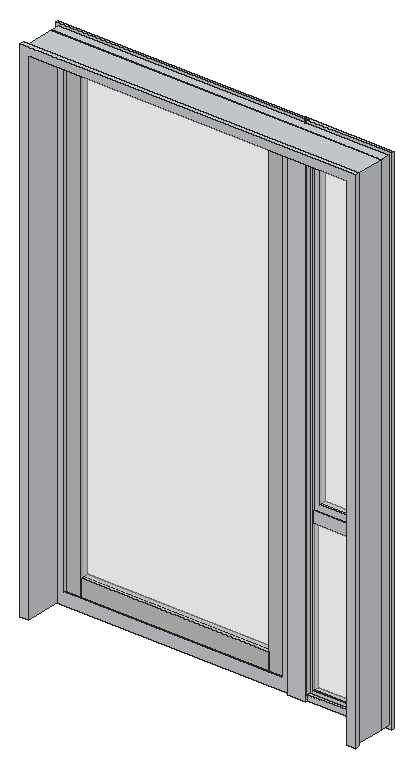
Revit family "APL Residential Thermal Heart Hinged Door with Sidelight", category Doors, host Wall, Revit 2017 (continued)
Definition of nested family "APL Residential Thermal Heart Hinged Door with Sidelight Open Out Horizontal Section"
  Definition of nested family "Coupling Bar"
    Definition of nested family "Frame Sash"
      Definition of nested family "65720_Sash"
        Lines and regions (mm)
          model lines, in view "Ref. Level"
            curve 225: line (5.3, -5.8, 0) -> (5.3, -2.4, 0)
            curve 226: arc (7.8, -0.874, 0) -> (7.718, -0.477, 0) -> (7.485, -0.146, 0) r 1
            curve 227: arc (7.485, -0.146, 0) -> (7.422, 0, 0) -> (7.485, 0.146, 0) r 0.2
            curve 228: arc (7.485, 0.146, 0) -> (7.718, 0.477, 0) -> (7.8, 0.874, 0) r 1
            curve 229: arc (7.8, 2.449, 0) -> (7.673, 2.668, 0) -> (7.42, 2.663, 0) r 0.25
            curve 230: arc (7.334, 2.611, 0) -> (7.228, 2.479, 0) -> (7.231, 2.309, 0) r 0.25
            curve 231: arc (5.977, 1.544, 0) -> (5.902, 1.511, 0) -> (5.821, 1.5, 0) r 0.3
            curve 232: arc (5.3, 1.5, 0) -> (5.142, 1.578, 0) -> (5.106, 1.75, 0) r 0.2
            curve 233: arc (5.3, 5.753, 0) -> (5.274, 5.875, 0) -> (5.2, 5.976, 0) r 0.3
            curve 234: arc (5.2, 5.976, 0) -> (5.12, 6.307, 0) -> (5.4, 6.5, 0) r 0.3
            curve 235: arc (7.621, 5.957, 0) -> (7.71, 5.905, 0) -> (7.762, 5.816, 0) r 0.2
            curve 236: arc (7.807, 5.648, 0) -> (7.948, 5.507, 0) -> (8.141, 5.559, 0) r 0.2
            curve 237: arc (8.505, 5.922, 0) -> (8.565, 6.008, 0) -> (8.592, 6.108, 0) r 0.3
            curve 238: arc (8.799, 8.474, 0) -> (8.683, 8.738, 0) -> (8.397, 8.782, 0) r 0.3
            curve 239: arc (6.987, 8.268, 0) -> (6.861, 8.181, 0) -> (6.795, 8.043, 0) r 0.3
            curve 240: arc (6.795, 8.043, 0) -> (6.522, 7.801, 0) -> (6.217, 8, 0) r 0.3
            curve 241: arc (-3.3, 8, 0) -> (-4.007, 8.293, 0) -> (-4.3, 9, 0) r 1
            curve 242: arc (-4.3, 18.8, 0) -> (-4.241, 18.941, 0) -> (-4.1, 19, 0) r 0.2
            curve 243: arc (-3.2, 19, 0) -> (-2.493, 19.293, 0) -> (-2.2, 20, 0) r 1
            curve 244: arc (-2.2, 20.751, 0) -> (-2.7, 21.252, 0) -> (-3.2, 20.751, 0) r 0.5
            curve 245: arc (-3.2, 24.751, 0) -> (-2.7, 24.249, 0) -> (-2.2, 24.751, 0) r 0.5
            curve 246: arc (-2.2, 25.501, 0) -> (-2.493, 26.207, 0) -> (-3.199, 26.5, 0) r 0.999
            curve 247: arc (-4.7, 26.5, 0) -> (-5.407, 26.207, 0) -> (-5.7, 25.5, 0) r 1
            curve 248: arc (-5.7, -14.454, 0) -> (-5.548, -15.22, 0) -> (-5.114, -15.869, 0) r 2
            curve 249: arc (5.959, -26.941, 0) -> (6.177, -26.985, 0) -> (6.3, -26.8, 0) r 0.2
            curve 250: arc (6.3, -22.85, 0) -> (6.241, -22.709, 0) -> (6.1, -22.65, 0) r 0.2
            curve 251: arc (5.501, -22.65, 0) -> (5.359, -22.708, 0) -> (5.3, -22.85, 0) r 0.2
            curve 252: arc (5.3, -23.2, 0) -> (5.241, -23.341, 0) -> (5.1, -23.4, 0) r 0.201
            curve 253: arc (4.497, -23.4, 0) -> (4.357, -23.341, 0) -> (4.3, -23.2, 0) r 0.198
            curve 254: arc (4.3, -20.1, 0) -> (4.358, -19.96, 0) -> (4.497, -19.9, 0) r 0.2
            curve 255: arc (5.1, -19.9, 0) -> (5.241, -19.959, 0) -> (5.3, -20.1, 0) r 0.2
            curve 256: arc (5.3, -20.45, 0) -> (5.359, -20.591, 0) -> (5.5, -20.65, 0) r 0.2
            curve 257: arc (6.1, -20.65, 0) -> (6.241, -20.591, 0) -> (6.3, -20.45, 0) r 0.2
            curve 258: arc (6.3, -19.092, 0) -> (6.244, -18.951, 0) -> (6.1, -18.9, 0) r 0.184
            curve 259: arc (6.217, -8, 0) -> (6.522, -7.801, 0) -> (6.795, -8.043, 0) r 0.3
            curve 260: arc (6.795, -8.043, 0) -> (6.861, -8.181, 0) -> (6.987, -8.268, 0) r 0.3
            curve 261: arc (8.397, -8.782, 0) -> (8.683, -8.738, 0) -> (8.799, -8.474, 0) r 0.3
            curve 262: arc (8.592, -6.108, 0) -> (8.565, -6.008, 0) -> (8.505, -5.922, 0) r 0.3
            curve 263: arc (8.141, -5.559, 0) -> (7.948, -5.507, 0) -> (7.807, -5.648, 0) r 0.2
            curve 264: arc (7.762, -5.816, 0) -> (7.71, -5.905, 0) -> (7.621, -5.957, 0) r 0.2
            curve 265: arc (5.4, -6.5, 0) -> (5.12, -6.307, 0) -> (5.2, -5.976, 0) r 0.3
            curve 266: arc (5.2, -5.976, 0) -> (5.274, -5.875, 0) -> (5.3, -5.753, 0) r 0.3
            curve 267: arc (5.106, -1.75, 0) -> (5.142, -1.578, 0) -> (5.3, -1.5, 0) r 0.2
            curve 268: arc (5.82, -1.5, 0) -> (5.902, -1.511, 0) -> (5.977, -1.544, 0) r 0.3
            curve 269: arc (7.231, -2.309, 0) -> (7.228, -2.479, 0) -> (7.334, -2.611, 0) r 0.25
            curve 270: arc (7.42, -2.663, 0) -> (7.672, -2.668, 0) -> (7.8, -2.45, 0) r 0.25
            curve 271: arc (-0.454, 6.272, 0) -> (-0.427, 6.485, 0) -> (-0.608, 6.6, 0) r 0.2
            curve 272: arc (-3.4, 6.6, 0) -> (-4.107, 6.307, 0) -> (-4.4, 5.6, 0) r 1
            curve 273: arc (-4.4, -2.447, 0) -> (-4.254, -2.802, 0) -> (-3.9, -2.949, 0) r 0.5
            curve 274: arc (-2.4, -2.949, 0) -> (-1.693, -3.242, 0) -> (-1.4, -3.949, 0) r 1
            curve 275: arc (-1.4, -4.449, 0) -> (-1.9, -4.949, 0) -> (-2.4, -4.449, 0) r 0.5
            curve 276: arc (-4, -3.949, 0) -> (-4.283, -4.067, 0) -> (-4.4, -4.349, 0) r 0.4
            curve 277: arc (-4.4, -9.05, 0) -> (-4, -9.45, 0) -> (-4.4, -9.85, 0) r 0.4
            curve 278: arc (-4.4, -14.452, 0) -> (-4.347, -14.721, 0) -> (-4.195, -14.949, 0) r 0.7
            curve 279: arc (-2.4, -14.449, 0) -> (-1.9, -13.949, 0) -> (-1.4, -14.449, 0) r 0.5
            curve 280: arc (-1.4, -15.007, 0) -> (-1.602, -15.609, 0) -> (-2.125, -15.969, 0) r 1
            curve 281: arc (-2.125, -15.969, 0) -> (-2.472, -16.324, 0) -> (-2.341, -16.803, 0) r 0.5
            curve 282: arc (2.959, -22.103, 0) -> (3.177, -22.146, 0) -> (3.3, -21.962, 0) r 0.2
            curve 283: line (7.8, 0.874, 0) -> (7.8, 2.449, 0)
            curve 284: line (7.231, 2.309, 0) -> (5.977, 1.544, 0)
            curve 285: line (5.977, 1.544, 0) -> (5.3, 1.5, 0)
            curve 286: line (5.106, 1.75, 0) -> (5.294, 2.475, 0)
            curve 287: line (5.294, 2.475, 0) -> (5.3, 5.753, 0)
            curve 288: line (5.554, 6.5, 0) -> (7.621, 5.957, 0)
            curve 289: line (7.621, 5.957, 0) -> (7.807, 5.648, 0)
            curve 290: line (8.141, 5.559, 0) -> (8.505, 5.922, 0)
            curve 291: line (8.592, 6.108, 0) -> (8.799, 8.474, 0)
            curve 292: line (8.397, 8.782, 0) -> (6.987, 8.268, 0)
            curve 293: line (6.217, 8, 0) -> (-3.3, 8, 0)
            curve 294: line (-4.3, 9, 0) -> (-4.3, 18.8, 0)
            curve 295: line (-4.1, 19, 0) -> (-3.2, 19, 0)
            curve 296: line (-2.2, 20, 0) -> (-2.2, 20.751, 0)
            curve 297: line (-3.2, 20.751, 0) -> (-3.2, 20, 0)
            curve 298: line (-3.2, 20, 0) -> (-4.7, 20, 0)
            curve 299: line (-4.7, 20, 0) -> (-4.7, 25.5, 0)
            curve 300: line (-4.7, 25.5, 0) -> (-3.2, 25.5, 0)
            curve 301: line (-3.2, 25.5, 0) -> (-3.2, 24.751, 0)
            curve 302: line (-2.2, 24.751, 0) -> (-2.2, 25.501, 0)
            curve 303: line (-3.199, 26.5, 0) -> (-4.7, 26.5, 0)
            curve 304: line (-5.7, 25.5, 0) -> (-5.7, -14.454, 0)
            curve 305: line (-5.114, -15.869, 0) -> (5.959, -26.941, 0)
            curve 306: line (6.3, -26.8, 0) -> (6.3, -22.85, 0)
            curve 307: line (6.1, -22.65, 0) -> (5.501, -22.65, 0)
            curve 308: line (5.3, -22.85, 0) -> (5.3, -23.2, 0)
            curve 309: line (5.1, -23.4, 0) -> (4.497, -23.4, 0)
            curve 310: line (4.3, -23.2, 0) -> (4.3, -20.1, 0)
            curve 311: line (4.497, -19.9, 0) -> (5.1, -19.9, 0)
            curve 312: line (5.3, -20.1, 0) -> (5.3, -20.45, 0)
            curve 313: line (5.5, -20.65, 0) -> (6.1, -20.65, 0)
            curve 314: line (6.3, -20.45, 0) -> (6.3, -19.092, 0)
            curve 315: line (6.1, -18.9, 0) -> (4.6, -18.9, 0)
            curve 316: line (4.6, -18.9, 0) -> (4.6, -8, 0)
            curve 317: line (4.6, -8, 0) -> (6.217, -8, 0)
            curve 318: line (6.987, -8.268, 0) -> (8.397, -8.782, 0)
            curve 319: line (8.799, -8.474, 0) -> (8.592, -6.108, 0)
            curve 320: line (8.505, -5.922, 0) -> (8.141, -5.559, 0)
            curve 321: line (7.807, -5.648, 0) -> (7.762, -5.816, 0)
            curve 322: line (7.762, -5.816, 0) -> (5.632, -6.49, 0)
            curve 323: line (5.632, -6.49, 0) -> (5.4, -6.5, 0)
            curve 324: line (5.3, -5.753, 0) -> (5.3, -2.525, 0)
            curve 325: line (5.3, -2.525, 0) -> (5.106, -1.75, 0)
            curve 326: line (5.3, -1.5, 0) -> (5.82, -1.5, 0)
            curve 327: line (5.821, -1.5, 0) -> (7.231, -2.309, 0)
            curve 328: line (7.8, -2.45, 0) -> (7.8, -0.874, 0)
            curve 329: line (-0.608, 6.6, 0) -> (-3.4, 6.6, 0)
            curve 330: line (-4.4, 5.6, 0) -> (-4.4, -2.447, 0)
            curve 331: line (-3.9, -2.949, 0) -> (-2.4, -2.949, 0)
            curve 332: line (-1.4, -3.949, 0) -> (-1.4, -4.449, 0)
            curve 333: line (-2.4, -4.449, 0) -> (-2.4, -3.949, 0)
            curve 334: line (-2.4, -3.949, 0) -> (-4, -3.949, 0)
            curve 335: line (-4.4, -4.349, 0) -> (-4.4, -9.05, 0)
            curve 336: line (-4.4, -9.85, 0) -> (-4.4, -14.452, 0)
            curve 337: line (-4.195, -14.949, 0) -> (-2.4, -14.949, 0)
            curve 338: line (-2.4, -14.949, 0) -> (-2.4, -14.449, 0)
            curve 339: line (-1.4, -14.449, 0) -> (-1.4, -15.007, 0)
            curve 340: line (-2.341, -16.803, 0) -> (2.959, -22.103, 0)
            curve 341: line (3.3, -21.962, 0) -> (3.3, 2.193, 0)
            curve 342: arc (3.3, 2.193, 0) -> (3.272, 2.296, 0) -> (3.194, 2.37, 0) r 0.2
            curve 343: arc (3.194, 2.37, 0) -> (2.838, 2.85, 0) -> (2.984, 3.43, 0) r 0.7
            curve 344: arc (2.984, 3.43, 0) -> (3.33, 4.4, 0) -> (2.984, 5.37, 0) r 1.53
            curve 345: arc (2.984, 5.37, 0) -> (2.892, 5.514, 0) -> (2.838, 5.676, 0) r 0.7
            curve 346: arc (2.838, 5.676, 0) -> (2.741, 5.888, 0) -> (2.559, 6.032, 0) r 0.5
            curve 347: arc (2.559, 6.032, 0) -> (1.8, 6.2, 0) -> (1.041, 6.032, 0) r 1.8
            curve 348: arc (1.041, 6.032, 0) -> (0.859, 5.888, 0) -> (0.762, 5.676, 0) r 0.5
            curve 349: arc (0.762, 5.676, 0) -> (0.708, 5.514, 0) -> (0.616, 5.37, 0) r 0.7
            curve 350: arc (0.616, 5.37, 0) -> (0.27, 4.4, 0) -> (0.616, 3.43, 0) r 1.53
            curve 351: arc (0.616, 3.43, 0) -> (0.519, 2.445, 0) -> (-0.466, 2.543, 0) r 0.7
            curve 352: arc (-0.466, 2.543, 0) -> (-1.13, 4.41, 0) -> (-0.454, 6.272, 0) r 2.93
        Text (mm)
          text "65720" at (33.241, 33.025, 0), in view "Ref. Level"
      Definition of nested family "65180_Sidelight Frame"
        Reference planes
          plane 1 "Center (Front/Back)": y = 0
          plane 2: z = 0
          plane 3 "Center (Left/Right)": x = 0
        Lines and regions (mm)
          model lines, in view "Ref. Level"
            curve 1: arc (13.922, -26.595, 0) -> (14.008, -26.535, 0) -> (14.108, -26.508, 0) r 0.3
            curve 2: arc (16.474, -26.301, 0) -> (16.738, -26.417, 0) -> (16.782, -26.703, 0) r 0.3
            curve 3: arc (16.268, -28.113, 0) -> (16.181, -28.239, 0) -> (16.043, -28.305, 0) r 0.3
            curve 4: arc (16.043, -28.305, 0) -> (15.801, -28.578, 0) -> (16, -28.883, 0) r 0.3
            curve 5: arc (16, -33, 0) -> (15.941, -33.141, 0) -> (15.8, -33.2, 0) r 0.2
            curve 6: arc (15.5, -33.2, 0) -> (15.2, -33.12, 0) -> (14.98, -32.9, 0) r 0.6
            curve 7: arc (14.345, -31.8, 0) -> (14.272, -31.727, 0) -> (14.172, -31.7, 0) r 0.2
            curve 8: arc (-2.699, -31.7, 0) -> (-3.407, -31.993, 0) -> (-3.7, -32.7, 0) r 1
            curve 9: arc (-3.7, -34.764, 0) -> (-3.662, -34.956, 0) -> (-3.554, -35.118, 0) r 0.5
            curve 10: arc (1.791, -40.463, 0) -> (2.1, -40.673, 0) -> (2.463, -40.755, 0) r 1
            curve 11: arc (14.935, -41.178, 0) -> (15.052, -41.143, 0) -> (15.127, -41.047, 0) r 0.2
            curve 12: arc (15.127, -41.047, 0) -> (15.234, -40.879, 0) -> (15.403, -40.775, 0) r 0.45
            curve 13: arc (15.403, -40.775, 0) -> (15.522, -40.771, 0) -> (15.621, -40.835, 0) r 0.2
            curve 14: arc (16, -42.3, 0) -> (15.941, -42.441, 0) -> (15.8, -42.5, 0) r 0.2
            curve 15: arc (2.243, -42.5, 0) -> (1.095, -42.272, 0) -> (0.121, -41.621, 0) r 3
            curve 16: arc (-4.121, -37.379, 0) -> (-5.095, -36.728, 0) -> (-6.243, -36.5, 0) r 3
            curve 17: arc (-19, -36.5, 0) -> (-19.707, -36.207, 0) -> (-20, -35.5, 0) r 1
            curve 18: arc (-20, -29.708, 0) -> (-19.944, -29.561, 0) -> (-19.8, -29.5, 0) r 0.2
            curve 19: arc (-19, -29.5, 0) -> (-18.859, -29.559, 0) -> (-18.8, -29.7, 0) r 0.2
            curve 20: arc (-18.8, -29.995, 0) -> (-18.547, -30.43, 0) -> (-18.044, -30.424, 0) r 0.5
            curve 21: arc (-18.044, -30.424, 0) -> (-16.297, -30.007, 0) -> (-14.624, -30.663, 0) r 3
            curve 22: arc (-14.624, -30.663, 0) -> (-14.512, -31.7, 0) -> (-15.549, -31.812, 0) r 0.737
            curve 23: arc (-15.549, -31.812, 0) -> (-16.505, -31.475, 0) -> (-17.461, -31.812, 0) r 1.525
            curve 24: arc (-17.461, -31.812, 0) -> (-17.612, -31.906, 0) -> (-17.78, -31.961, 0) r 0.737
            curve 25: arc (-17.78, -31.961, 0) -> (-17.992, -32.058, 0) -> (-18.137, -32.24, 0) r 0.5
            curve 26: arc (-18.137, -32.24, 0) -> (-18.305, -33, 0) -> (-18.136, -33.76, 0) r 1.8
            curve 27: arc (-18.136, -33.76, 0) -> (-17.992, -33.942, 0) -> (-17.781, -34.039, 0) r 0.5
            curve 28: arc (-17.781, -34.039, 0) -> (-17.613, -34.094, 0) -> (-17.462, -34.187, 0) r 0.75
            curve 29: arc (-17.462, -34.187, 0) -> (-16.505, -34.525, 0) -> (-15.548, -34.187, 0) r 1.525
            curve 30: arc (-15.548, -34.187, 0) -> (-14.677, -34.143, 0) -> (-14.353, -34.952, 0) r 0.75
            curve 31: arc (-14.353, -34.952, 0) -> (-14.316, -35.123, 0) -> (-14.159, -35.2, 0) r 0.2
            curve 32: arc (-6.7, -35.2, 0) -> (-6.346, -35.053, 0) -> (-6.2, -34.7, 0) r 0.5
            curve 33: arc (-6.2, -32.7, 0) -> (-5.175, -30.225, 0) -> (-2.7, -29.2, 0) r 3.5
            curve 34: arc (-0.2, -29.2, 0) -> (-0.059, -29.141, 0) -> (0, -29, 0) r 0.2
            curve 35: arc (0, -28.883, 0) -> (0.199, -28.578, 0) -> (-0.043, -28.305, 0) r 0.3
            curve 36: arc (-0.043, -28.305, 0) -> (-0.181, -28.239, 0) -> (-0.268, -28.113, 0) r 0.3
            curve 37: arc (-0.782, -26.703, 0) -> (-0.738, -26.417, 0) -> (-0.474, -26.301, 0) r 0.3
            curve 38: arc (1.892, -26.508, 0) -> (1.992, -26.535, 0) -> (2.078, -26.595, 0) r 0.3
            curve 39: arc (2.441, -26.959, 0) -> (2.493, -27.152, 0) -> (2.352, -27.293, 0) r 0.2
            curve 40: arc (2.184, -27.338, 0) -> (2.095, -27.39, 0) -> (2.043, -27.479, 0) r 0.2
            curve 41: arc (1.5, -29.7, 0) -> (1.693, -29.98, 0) -> (2.024, -29.9, 0) r 0.3
            curve 42: arc (2.024, -29.9, 0) -> (2.125, -29.826, 0) -> (2.247, -29.8, 0) r 0.3
            curve 43: arc (6.25, -29.994, 0) -> (6.422, -29.958, 0) -> (6.5, -29.8, 0) r 0.2
            curve 44: arc (6.5, -29.279, 0) -> (6.489, -29.198, 0) -> (6.456, -29.123, 0) r 0.3
            curve 45: arc (5.691, -27.869, 0) -> (5.521, -27.872, 0) -> (5.389, -27.766, 0) r 0.25
            curve 46: arc (5.337, -27.68, 0) -> (5.332, -27.428, 0) -> (5.55, -27.3, 0) r 0.25
            curve 47: arc (7.125, -27.3, 0) -> (7.522, -27.382, 0) -> (7.854, -27.615, 0) r 1
            curve 48: arc (7.854, -27.615, 0) -> (8, -27.678, 0) -> (8.146, -27.615, 0) r 0.2
            curve 49: arc (8.146, -27.615, 0) -> (8.477, -27.382, 0) -> (8.874, -27.3, 0) r 1
            curve 50: arc (10.45, -27.3, 0) -> (10.668, -27.427, 0) -> (10.663, -27.68, 0) r 0.25
            curve 51: arc (10.611, -27.766, 0) -> (10.479, -27.872, 0) -> (10.309, -27.869, 0) r 0.25
            curve 52: arc (9.544, -29.123, 0) -> (9.511, -29.198, 0) -> (9.5, -29.279, 0) r 0.3
            curve 53: arc (9.5, -29.8, 0) -> (9.578, -29.958, 0) -> (9.75, -29.994, 0) r 0.2
            curve 54: arc (13.753, -29.8, 0) -> (13.875, -29.826, 0) -> (13.976, -29.9, 0) r 0.3
            curve 55: arc (13.976, -29.9, 0) -> (14.307, -29.98, 0) -> (14.5, -29.7, 0) r 0.3
            curve 56: arc (13.957, -27.479, 0) -> (13.905, -27.39, 0) -> (13.816, -27.338, 0) r 0.2
            curve 57: arc (13.648, -27.293, 0) -> (13.507, -27.152, 0) -> (13.559, -26.959, 0) r 0.2
            curve 58: line (14.108, -26.508, 0) -> (16.474, -26.301, 0)
            curve 59: line (16.782, -26.703, 0) -> (16.268, -28.113, 0)
            curve 60: line (16, -28.883, 0) -> (16, -33, 0)
            curve 61: line (15.8, -33.2, 0) -> (15.5, -33.2, 0)
            curve 62: line (14.98, -32.9, 0) -> (14.345, -31.8, 0)
            curve 63: line (14.172, -31.7, 0) -> (-2.699, -31.7, 0)
            curve 64: line (-3.7, -32.7, 0) -> (-3.7, -34.764, 0)
            curve 65: line (-3.554, -35.118, 0) -> (1.791, -40.463, 0)
            curve 66: line (2.463, -40.755, 0) -> (14, -41.158, 0)
            curve 67: line (14, -41.158, 0) -> (14.935, -41.178, 0)
            curve 68: line (15.621, -40.835, 0) -> (15.953, -41.231, 0)
            curve 69: line (15.953, -41.231, 0) -> (16, -42.3, 0)
            curve 70: line (15.8, -42.5, 0) -> (2.243, -42.5, 0)
            curve 71: line (0.121, -41.621, 0) -> (-4.121, -37.379, 0)
            curve 72: line (-6.243, -36.5, 0) -> (-19, -36.5, 0)
            curve 73: line (-20, -35.5, 0) -> (-20, -29.708, 0)
            curve 74: line (-19.8, -29.5, 0) -> (-19, -29.5, 0)
            curve 75: line (-18.8, -29.7, 0) -> (-18.8, -29.995, 0)
            curve 76: line (-14.159, -35.2, 0) -> (-6.7, -35.2, 0)
            curve 77: line (-6.2, -34.7, 0) -> (-6.2, -32.7, 0)
            curve 78: line (-2.7, -29.2, 0) -> (-0.2, -29.2, 0)
            curve 79: line (-0.268, -28.113, 0) -> (-0.782, -26.703, 0)
            curve 80: line (-0.474, -26.301, 0) -> (1.892, -26.508, 0)
            curve 81: line (2.078, -26.595, 0) -> (2.441, -26.959, 0)
            curve 82: line (2.352, -27.293, 0) -> (2.184, -27.338, 0)
            curve 83: line (2.184, -27.338, 0) -> (1.51, -29.468, 0)
            curve 84: line (1.51, -29.468, 0) -> (1.5, -29.7, 0)
            curve 85: line (2.247, -29.8, 0) -> (5.475, -29.8, 0)
            curve 86: line (5.475, -29.8, 0) -> (6.25, -29.994, 0)
            curve 87: line (6.5, -29.8, 0) -> (6.5, -29.279, 0)
            curve 88: line (6.5, -29.279, 0) -> (5.691, -27.869, 0)
            curve 89: line (5.55, -27.3, 0) -> (7.125, -27.3, 0)
            curve 90: line (8.874, -27.3, 0) -> (10.45, -27.3, 0)
            curve 91: line (10.309, -27.869, 0) -> (9.544, -29.123, 0)
            curve 92: line (9.544, -29.123, 0) -> (9.5, -29.8, 0)
            curve 93: line (9.75, -29.994, 0) -> (10.5, -29.8, 0)
            curve 94: line (10.475, -29.806, 0) -> (13.753, -29.8, 0)
            curve 95: line (14.5, -29.546, 0) -> (13.957, -27.479, 0)
            curve 96: line (13.957, -27.479, 0) -> (13.648, -27.293, 0)
            curve 97: line (13.559, -26.959, 0) -> (13.922, -26.595, 0)
            curve 98: arc (5.6, -29.8, 0) -> (5.883, -29.683, 0) -> (6, -29.4, 0) r 0.4
            curve 99: arc (6, -29.107, 0) -> (5.986, -29.004, 0) -> (5.946, -28.907, 0) r 0.4
            curve 100: arc (5.061, -27.379, 0) -> (4.941, -27.089, 0) -> (4.9, -26.778, 0) r 1.2
            curve 101: arc (4.9, -25.855, 0) -> (4.719, -25.282, 0) -> (4.242, -24.916, 0) r 1
            curve 102: arc (2.063, -24.123, 0) -> (1.872, -23.976, 0) -> (1.8, -23.747, 0) r 0.4
            curve 103: arc (1.8, -21.053, 0) -> (1.872, -20.824, 0) -> (2.063, -20.677, 0) r 0.4
            curve 104: arc (4.242, -19.884, 0) -> (4.719, -19.518, 0) -> (4.9, -18.945, 0) r 1
            curve 105: arc (4.9, -18.022, 0) -> (4.941, -17.711, 0) -> (5.061, -17.421, 0) r 1.2
            curve 106: arc (5.946, -15.893, 0) -> (5.986, -15.796, 0) -> (6, -15.693, 0) r 0.4
            curve 107: arc (6, -15.4, 0) -> (5.883, -15.117, 0) -> (5.6, -15, 0) r 0.4
            curve 108: arc (2.2, -15, 0) -> (1.917, -15.117, 0) -> (1.8, -15.4, 0) r 0.4
            curve 109: arc (1.8, -15.693, 0) -> (1.814, -15.796, 0) -> (1.854, -15.893, 0) r 0.4
            curve 110: arc (2.739, -17.421, 0) -> (2.86, -17.715, 0) -> (2.9, -18.03, 0) r 1.2
            curve 111: arc (2.9, -18.03, 0) -> (2.847, -18.205, 0) -> (2.703, -18.316, 0) r 0.3
            curve 112: arc (0.263, -19.204, 0) -> (0.072, -19.351, 0) -> (0, -19.58, 0) r 0.4
            curve 113: arc (0, -25.22, 0) -> (0.072, -25.449, 0) -> (0.263, -25.596, 0) r 0.4
            curve 114: arc (2.703, -26.484, 0) -> (2.847, -26.595, 0) -> (2.9, -26.77, 0) r 0.3
            curve 115: arc (2.9, -26.77, 0) -> (2.86, -27.085, 0) -> (2.739, -27.379, 0) r 1.2
            curve 116: arc (1.854, -28.907, 0) -> (1.814, -29.004, 0) -> (1.8, -29.107, 0) r 0.4
            curve 117: arc (1.8, -29.4, 0) -> (1.917, -29.683, 0) -> (2.2, -29.8, 0) r 0.4
            curve 118: line (6, -29.4, 0) -> (6, -29.107, 0)
            curve 119: line (5.946, -28.907, 0) -> (5.061, -27.379, 0)
            curve 120: line (4.9, -26.778, 0) -> (4.9, -25.855, 0)
            curve 121: line (4.242, -24.916, 0) -> (2.063, -24.123, 0)
            curve 122: line (1.8, -23.747, 0) -> (1.8, -21.053, 0)
            curve 123: line (2.063, -20.677, 0) -> (4.242, -19.884, 0)
            curve 124: line (4.9, -18.945, 0) -> (4.9, -18.022, 0)
            curve 125: line (5.061, -17.421, 0) -> (5.946, -15.893, 0)
            curve 126: line (6, -15.693, 0) -> (6, -15.4, 0)
            curve 127: line (5.6, -15, 0) -> (2.2, -15, 0)
            curve 128: line (1.8, -15.4, 0) -> (1.8, -15.693, 0)
            curve 129: line (1.854, -15.893, 0) -> (2.739, -17.421, 0)
            curve 130: line (2.703, -18.316, 0) -> (0.263, -19.204, 0)
            curve 131: line (0, -19.58, 0) -> (0, -25.22, 0)
            curve 132: line (0.263, -25.596, 0) -> (2.703, -26.484, 0)
            curve 133: line (2.739, -27.379, 0) -> (1.854, -28.907, 0)
            curve 134: line (1.8, -29.107, 0) -> (1.8, -29.4, 0)
            curve 135: line (2.2, -29.8, 0) -> (5.6, -29.8, 0)
            curve 136: arc (10.4, -29.8, 0) -> (10.117, -29.683, 0) -> (10, -29.4, 0) r 0.4
            curve 137: arc (10, -29.107, 0) -> (10.014, -29.004, 0) -> (10.054, -28.907, 0) r 0.4
            curve 138: arc (10.939, -27.379, 0) -> (11.059, -27.089, 0) -> (11.1, -26.778, 0) r 1.2
            curve 139: arc (11.1, -25.855, 0) -> (11.281, -25.282, 0) -> (11.758, -24.916, 0) r 1
            curve 140: arc (13.937, -24.123, 0) -> (14.128, -23.976, 0) -> (14.2, -23.747, 0) r 0.4
            curve 141: arc (14.2, -21.053, 0) -> (14.128, -20.824, 0) -> (13.937, -20.677, 0) r 0.4
            curve 142: arc (11.758, -19.884, 0) -> (11.281, -19.518, 0) -> (11.1, -18.945, 0) r 1
            curve 143: arc (11.1, -18.022, 0) -> (11.059, -17.711, 0) -> (10.939, -17.421, 0) r 1.2
            curve 144: arc (10.054, -15.893, 0) -> (10.014, -15.796, 0) -> (10, -15.693, 0) r 0.4
            curve 145: arc (10, -15.4, 0) -> (10.117, -15.117, 0) -> (10.4, -15, 0) r 0.4
            curve 146: arc (13.8, -15, 0) -> (14.083, -15.117, 0) -> (14.2, -15.4, 0) r 0.4
            curve 147: arc (14.2, -15.693, 0) -> (14.186, -15.796, 0) -> (14.146, -15.893, 0) r 0.4
            curve 148: arc (13.261, -17.421, 0) -> (13.14, -17.715, 0) -> (13.1, -18.03, 0) r 1.2
            curve 149: arc (13.1, -18.03, 0) -> (13.153, -18.205, 0) -> (13.297, -18.316, 0) r 0.3
            curve 150: arc (15.737, -19.204, 0) -> (15.928, -19.351, 0) -> (16, -19.58, 0) r 0.4
            curve 151: arc (16, -25.22, 0) -> (15.928, -25.449, 0) -> (15.737, -25.596, 0) r 0.4
            curve 152: arc (13.297, -26.484, 0) -> (13.153, -26.595, 0) -> (13.1, -26.77, 0) r 0.3
            curve 153: arc (13.1, -26.77, 0) -> (13.14, -27.085, 0) -> (13.261, -27.379, 0) r 1.2
            curve 154: arc (14.146, -28.907, 0) -> (14.186, -29.004, 0) -> (14.2, -29.107, 0) r 0.4
            curve 155: arc (14.2, -29.4, 0) -> (14.083, -29.683, 0) -> (13.8, -29.8, 0) r 0.4
            curve 156: line (10, -29.4, 0) -> (10, -29.107, 0)
            curve 157: line (10.054, -28.907, 0) -> (10.939, -27.379, 0)
            curve 158: line (11.1, -26.778, 0) -> (11.1, -25.855, 0)
            curve 159: line (11.758, -24.916, 0) -> (13.937, -24.123, 0)
            curve 160: line (14.2, -23.747, 0) -> (14.2, -21.053, 0)
            curve 161: line (13.937, -20.677, 0) -> (11.758, -19.884, 0)
            curve 162: line (11.1, -18.945, 0) -> (11.1, -18.022, 0)
            curve 163: line (10.939, -17.421, 0) -> (10.054, -15.893, 0)
            curve 164: line (10, -15.693, 0) -> (10, -15.4, 0)
            curve 165: line (10.4, -15, 0) -> (13.8, -15, 0)
            curve 166: line (14.2, -15.4, 0) -> (14.2, -15.693, 0)
            curve 167: line (14.146, -15.893, 0) -> (13.261, -17.421, 0)
            curve 168: line (13.297, -18.316, 0) -> (15.737, -19.204, 0)
            curve 169: line (16, -19.58, 0) -> (16, -25.22, 0)
            curve 170: line (15.737, -25.596, 0) -> (13.297, -26.484, 0)
            curve 171: line (13.261, -27.379, 0) -> (14.146, -28.907, 0)
            curve 172: line (14.2, -29.107, 0) -> (14.2, -29.4, 0)
            curve 173: line (13.8, -29.8, 0) -> (10.4, -29.8, 0)
            curve 174: arc (20.188, 16.327, 0) -> (20.255, 16.451, 0) -> (20.387, 16.5, 0) r 0.2
            curve 175: arc (20.7, 16.5, 0) -> (20.841, 16.559, 0) -> (20.9, 16.7, 0) r 0.2
            curve 176: arc (20.9, 20, 0) -> (21.4, 20.5, 0) -> (21.9, 20, 0) r 0.5
            curve 177: arc (21.9, 16.5, 0) -> (21.349, 14.768, 0) -> (19.9, 13.672, 0) r 3
            curve 178: arc (19.9, 13.672, 0) -> (18.451, 12.575, 0) -> (17.9, 10.843, 0) r 3
            curve 179: arc (17.9, 6.583, 0) -> (18.701, 4.543, 0) -> (20.676, 3.592, 0) r 3
            curve 180: arc (34.8, 3.5, 0) -> (34.941, 3.441, 0) -> (35, 3.3, 0) r 0.2
            curve 181: arc (35, 0.2, 0) -> (34.941, 0.059, 0) -> (34.8, 0, 0) r 0.2
            curve 182: arc (33.25, 0, 0) -> (32.749, 0.499, 0) -> (33.249, 1, 0) r 0.5
            curve 183: arc (29.249, 1, 0) -> (29.749, 0.5, 0) -> (29.249, 0, 0) r 0.5
            curve 184: arc (28.5, 0, 0) -> (27.793, 0.293, 0) -> (27.5, 1, 0) r 1
            curve 185: arc (27.5, 1.9, 0) -> (27.441, 2.041, 0) -> (27.3, 2.1, 0) r 0.2
            curve 186: arc (16.2, 2.1, 0) -> (16.059, 2.041, 0) -> (16, 1.9, 0) r 0.2
            curve 187: arc (16, -15.917, 0) -> (15.801, -16.222, 0) -> (16.043, -16.495, 0) r 0.3
            curve 188: arc (16.043, -16.495, 0) -> (16.181, -16.561, 0) -> (16.268, -16.687, 0) r 0.3
            curve 189: arc (16.782, -18.097, 0) -> (16.738, -18.383, 0) -> (16.474, -18.499, 0) r 0.3
            curve 190: arc (14.108, -18.292, 0) -> (14.008, -18.265, 0) -> (13.922, -18.205, 0) r 0.3
            curve 191: arc (13.559, -17.841, 0) -> (13.507, -17.648, 0) -> (13.648, -17.507, 0) r 0.2
            curve 192: arc (13.816, -17.462, 0) -> (13.905, -17.41, 0) -> (13.957, -17.321, 0) r 0.2
            curve 193: arc (14.5, -15.1, 0) -> (14.307, -14.82, 0) -> (13.976, -14.9, 0) r 0.3
            curve 194: arc (13.976, -14.9, 0) -> (13.875, -14.974, 0) -> (13.753, -15, 0) r 0.3
            curve 195: arc (9.75, -14.806, 0) -> (9.578, -14.842, 0) -> (9.5, -15, 0) r 0.2
            curve 196: arc (9.5, -15.521, 0) -> (9.511, -15.602, 0) -> (9.544, -15.677, 0) r 0.3
            curve 197: arc (10.309, -16.931, 0) -> (10.479, -16.928, 0) -> (10.611, -17.034, 0) r 0.25
            curve 198: arc (10.663, -17.12, 0) -> (10.668, -17.372, 0) -> (10.45, -17.5, 0) r 0.25
            curve 199: arc (8.874, -17.5, 0) -> (8.477, -17.418, 0) -> (8.146, -17.185, 0) r 1
            curve 200: arc (8.146, -17.185, 0) -> (8, -17.122, 0) -> (7.854, -17.185, 0) r 0.2
            curve 201: arc (7.854, -17.185, 0) -> (7.523, -17.418, 0) -> (7.126, -17.5, 0) r 1
            curve 202: arc (5.55, -17.5, 0) -> (5.332, -17.372, 0) -> (5.337, -17.12, 0) r 0.25
            curve 203: arc (5.389, -17.034, 0) -> (5.521, -16.928, 0) -> (5.691, -16.931, 0) r 0.25
            curve 204: arc (6.456, -15.677, 0) -> (6.489, -15.602, 0) -> (6.5, -15.521, 0) r 0.3
            curve 205: arc (6.5, -15, 0) -> (6.422, -14.842, 0) -> (6.25, -14.806, 0) r 0.2
            curve 206: arc (2.247, -15, 0) -> (2.125, -14.974, 0) -> (2.024, -14.9, 0) r 0.3
            curve 207: arc (2.024, -14.9, 0) -> (1.693, -14.82, 0) -> (1.5, -15.1, 0) r 0.3
            curve 208: arc (2.043, -17.321, 0) -> (2.095, -17.41, 0) -> (2.184, -17.462, 0) r 0.2
            curve 209: arc (2.352, -17.507, 0) -> (2.493, -17.648, 0) -> (2.441, -17.841, 0) r 0.2
            curve 210: arc (2.078, -18.205, 0) -> (1.992, -18.265, 0) -> (1.892, -18.292, 0) r 0.3
            curve 211: arc (-0.474, -18.499, 0) -> (-0.738, -18.383, 0) -> (-0.782, -18.097, 0) r 0.3
            curve 212: arc (-0.268, -16.687, 0) -> (-0.181, -16.561, 0) -> (-0.043, -16.495, 0) r 0.3
            curve 213: arc (-0.043, -16.495, 0) -> (0.199, -16.222, 0) -> (0, -15.917, 0) r 0.3
            curve 214: arc (0, -14.1, 0) -> (0.293, -13.393, 0) -> (1, -13.1, 0) r 1
            curve 215: arc (13.8, -13.1, 0) -> (13.941, -13.041, 0) -> (14, -12.9, 0) r 0.2
            curve 216: arc (14, -4.691, 0) -> (13.854, -4.337, 0) -> (13.5, -4.191, 0) r 0.5
            curve 217: arc (10.076, -4.191, 0) -> (9.722, -4.044, 0) -> (9.575, -3.691, 0) r 0.501
            curve 218: arc (9.575, 3, 0) -> (9.634, 3.141, 0) -> (9.775, 3.2, 0) r 0.2
            curve 219: arc (10.775, 3.2, 0) -> (10.916, 3.141, 0) -> (10.975, 3, 0) r 0.2
            curve 220: arc (10.975, 1.817, 0) -> (11.068, 1.527, 0) -> (11.311, 1.345, 0) r 0.5
            curve 221: arc (11.311, 1.345, 0) -> (11.841, 0.791, 0) -> (11.698, 0.038, 0) r 0.837
            curve 222: arc (11.698, 0.038, 0) -> (11.375, -0.9, 0) -> (11.698, -1.838, 0) r 1.525
            curve 223: arc (11.698, -1.838, 0) -> (11.797, -2, 0) -> (11.857, -2.18, 0) r 0.837
            curve 224: arc (11.857, -2.18, 0) -> (11.954, -2.386, 0) -> (12.133, -2.528, 0) r 0.5
            curve 225: arc (12.133, -2.528, 0) -> (12.9, -2.7, 0) -> (13.667, -2.528, 0) r 1.8
            curve 226: arc (13.667, -2.528, 0) -> (13.846, -2.386, 0) -> (13.943, -2.18, 0) r 0.5
            curve 227: arc (13.943, -2.18, 0) -> (14.003, -2, 0) -> (14.102, -1.838, 0) r 0.837
            curve 228: arc (14.102, -1.838, 0) -> (14.425, -0.9, 0) -> (14.102, 0.038, 0) r 1.525
            curve 229: arc (14.102, 0.038, 0) -> (13.936, 0.688, 0) -> (14.3, 1.252, 0) r 0.837
            curve 230: arc (14.3, 1.9, 0) -> (14.794, 3.178, 0) -> (16.019, 3.791, 0) r 1.9
            curve 231: arc (16.019, 3.791, 0) -> (16.148, 3.856, 0) -> (16.2, 3.99, 0) r 0.2
            curve 232: arc (16.2, 11.8, 0) -> (16.141, 11.941, 0) -> (16, 12, 0) r 0.2
            curve 233: arc (15.2, 12, 0) -> (14.7, 12.5, 0) -> (15.2, 13, 0) r 0.5
            curve 234: arc (16, 13, 0) -> (16.141, 13.059, 0) -> (16.2, 13.2, 0) r 0.2
            curve 235: arc (16.2, 14.8, 0) -> (16.141, 14.941, 0) -> (16, 15, 0) r 0.2
            curve 236: arc (11.266, 15, 0) -> (11.15, 14.963, 0) -> (11.077, 14.867, 0) r 0.2
            curve 237: arc (11.077, 14.867, 0) -> (10.7, 14.6, 0) -> (10.323, 14.867, 0) r 0.4
            curve 238: arc (10.323, 14.867, 0) -> (10.25, 14.963, 0) -> (10.134, 15, 0) r 0.2
            curve 239: arc (5.4, 15, 0) -> (5.259, 14.941, 0) -> (5.2, 14.8, 0) r 0.2
            curve 240: arc (5.2, 13.2, 0) -> (5.259, 13.059, 0) -> (5.4, 13, 0) r 0.2
            curve 241: arc (6.2, 13, 0) -> (6.7, 12.5, 0) -> (6.2, 12, 0) r 0.5
            curve 242: arc (5.2, 12, 0) -> (4.493, 12.293, 0) -> (4.2, 13, 0) r 1
            curve 243: arc (4.2, 14.8, 0) -> (4.141, 14.941, 0) -> (4, 15, 0) r 0.2
            curve 244: arc (1, 15, 0) -> (0.293, 15.293, 0) -> (0, 16, 0) r 1
            curve 245: arc (0, 26.5, 0) -> (0.7, 27.2, 0) -> (1.4, 26.5, 0) r 0.7
            curve 246: arc (1.4, 16.7, 0) -> (1.459, 16.559, 0) -> (1.6, 16.5, 0) r 0.2
            curve 247: line (20.387, 16.5, 0) -> (20.7, 16.5, 0)
            curve 248: line (20.9, 16.7, 0) -> (20.9, 20, 0)
            curve 249: line (21.9, 20, 0) -> (21.9, 16.5, 0)
            curve 250: line (17.9, 10.843, 0) -> (17.9, 6.583, 0)
            curve 251: line (20.676, 3.592, 0) -> (21.9, 3.5, 0)
            curve 252: line (21.9, 3.5, 0) -> (34.8, 3.5, 0)
            curve 253: line (35, 3.3, 0) -> (35, 0.2, 0)
            curve 254: line (34.8, 0, 0) -> (33.25, 0, 0)
            curve 255: line (33.249, 1, 0) -> (34, 1, 0)
            curve 256: line (34, 1, 0) -> (34, 2.5, 0)
            curve 257: line (34, 2.5, 0) -> (28.5, 2.5, 0)
            curve 258: line (28.5, 2.5, 0) -> (28.5, 1, 0)
            curve 259: line (28.5, 1, 0) -> (29.249, 1, 0)
            curve 260: line (29.249, 0, 0) -> (28.5, 0, 0)
            curve 261: line (27.5, 1, 0) -> (27.5, 1.9, 0)
            curve 262: line (27.3, 2.1, 0) -> (16.2, 2.1, 0)
            curve 263: line (16, 1.9, 0) -> (16, -8.2, 0)
            curve 264: line (16, -8.2, 0) -> (15.6, -8.6, 0)
            curve 265: line (15.6, -8.6, 0) -> (16, -9, 0)
            curve 266: line (16, -9, 0) -> (16, -15.917, 0)
            curve 267: line (16.268, -16.687, 0) -> (16.782, -18.097, 0)
            curve 268: line (16.474, -18.499, 0) -> (14.108, -18.292, 0)
            curve 269: line (13.922, -18.205, 0) -> (13.559, -17.841, 0)
            curve 270: line (13.648, -17.507, 0) -> (13.816, -17.462, 0)
            curve 271: line (13.816, -17.462, 0) -> (14.49, -15.332, 0)
            curve 272: line (14.49, -15.332, 0) -> (14.5, -15.1, 0)
            curve 273: line (13.753, -15, 0) -> (10.525, -15, 0)
            curve 274: line (10.525, -15, 0) -> (9.75, -14.806, 0)
            curve 275: line (9.5, -15, 0) -> (9.5, -15.521, 0)
            curve 276: line (9.5, -15.521, 0) -> (10.309, -16.931, 0)
            curve 277: line (10.45, -17.5, 0) -> (8.874, -17.5, 0)
            curve 278: line (7.126, -17.5, 0) -> (5.55, -17.5, 0)
            curve 279: line (5.691, -16.931, 0) -> (6.456, -15.677, 0)
            curve 280: line (6.456, -15.677, 0) -> (6.5, -15, 0)
            curve 281: line (6.25, -14.806, 0) -> (5.525, -14.994, 0)
            curve 282: line (5.525, -14.994, 0) -> (2.247, -15, 0)
            curve 283: line (1.5, -15.254, 0) -> (2.043, -17.321, 0)
            curve 284: line (2.043, -17.321, 0) -> (2.352, -17.507, 0)
            curve 285: line (2.441, -17.841, 0) -> (2.078, -18.205, 0)
            curve 286: line (1.892, -18.292, 0) -> (-0.474, -18.499, 0)
            curve 287: line (-0.782, -18.097, 0) -> (-0.268, -16.687, 0)
            curve 288: line (0, -15.917, 0) -> (0, -14.1, 0)
            curve 289: line (1, -13.1, 0) -> (13.8, -13.1, 0)
            curve 290: line (14, -12.9, 0) -> (14, -4.691, 0)
            curve 291: line (13.5, -4.191, 0) -> (10.076, -4.191, 0)
            curve 292: line (9.575, -3.691, 0) -> (9.575, 3, 0)
            curve 293: line (9.775, 3.2, 0) -> (10.775, 3.2, 0)
            curve 294: line (10.975, 3, 0) -> (10.975, 1.817, 0)
            curve 295: line (14.3, 1.252, 0) -> (14.3, 1.9, 0)
            curve 296: line (16.2, 3.99, 0) -> (16.2, 11.8, 0)
            curve 297: line (16, 12, 0) -> (15.2, 12, 0)
            curve 298: line (15.2, 13, 0) -> (16, 13, 0)
            curve 299: line (16.2, 13.2, 0) -> (16.2, 14.8, 0)
            curve 300: line (16, 15, 0) -> (11.266, 15, 0)
            curve 301: line (10.134, 15, 0) -> (5.4, 15, 0)
            curve 302: line (5.2, 14.8, 0) -> (5.2, 13.2, 0)
            curve 303: line (5.4, 13, 0) -> (6.2, 13, 0)
            curve 304: line (6.2, 12, 0) -> (5.2, 12, 0)
            curve 305: line (4.2, 13, 0) -> (4.2, 14.8, 0)
            curve 306: line (4, 15, 0) -> (1, 15, 0)
            curve 307: line (0, 16, 0) -> (0, 17.5, 0)
            curve 308: line (0, 17.5, 0) -> (0.4, 17.9, 0)
            curve 309: line (0.4, 17.9, 0) -> (0.4, 23.1, 0)
            curve 310: line (0.4, 23.1, 0) -> (0, 23.5, 0)
            curve 311: line (0, 23.5, 0) -> (0, 26.5, 0)
            curve 312: line (1.4, 26.5, 0) -> (1.4, 16.7, 0)
            curve 313: line (1.6, 16.5, 0) -> (16, 16.5, 0)
            curve 314: arc (16, 16.5, 0) -> (17.228, 15.975, 0) -> (17.698, 14.725, 0) r 1.7
            curve 315: arc (17.698, 14.725, 0) -> (17.806, 14.538, 0) -> (18.021, 14.558, 0) r 0.2
            curve 316: arc (18.021, 14.558, 0) -> (18.648, 14.969, 0) -> (19.333, 15.274, 0) r 4.7
            curve 317: arc (19.333, 15.274, 0) -> (19.909, 15.68, 0) -> (20.188, 16.327, 0) r 1.3
        Text (mm)
          text "65180" at (37.391, 26.006, 0), in view "Ref. Level"
  Definition of nested family "Open Out Jamb"
    Types (2): name
      Open Out Jamb
      Jamb
    Reference planes
      plane 1 "Center (Front/Back)": y = 0
      plane 2: z = 0
      plane 3 "Center (Left/Right)": x = 0
    Lines and regions (mm)
      detail lines, in view "Ref. Level", not visible
        curve 1: arc (27.921, 135.423, 0) -> (27.611, 135.563, 0) -> (27.449, 135.264, 0) r 0.25
        curve 2: arc (27.475, 125.376, 0) -> (27.637, 125.077, 0) -> (27.948, 125.217, 0) r 0.25
        curve 3: line (27.449, 135.264, 0) -> (28.443, 131.396, 0)
        curve 4: line (28.443, 131.396, 0) -> (27.439, 130.817, 0)
        curve 5: line (27.439, 130.817, 0) -> (27.439, 129.817, 0)
        curve 6: line (27.439, 129.817, 0) -> (28.465, 129.225, 0)
        curve 7: line (28.465, 129.225, 0) -> (27.475, 125.376, 0)
        curve 8: line (27.948, 125.217, 0) -> (29.672, 129.317, 0)
        curve 9: line (29.672, 129.317, 0) -> (30.939, 129.317, 0)
        curve 10: line (30.939, 129.317, 0) -> (30.939, 128.067, 0)
        curve 11: line (30.939, 128.067, 0) -> (31.939, 128.067, 0)
        curve 12: line (31.939, 128.067, 0) -> (31.939, 132.567, 0)
        curve 13: line (31.939, 132.567, 0) -> (30.939, 132.567, 0)
        curve 14: line (30.939, 132.567, 0) -> (30.939, 131.317, 0)
        curve 15: line (30.939, 131.317, 0) -> (29.647, 131.317, 0)
        curve 16: line (29.647, 131.317, 0) -> (27.921, 135.423, 0)
        curve 17: arc (43.239, 46.459, 0) -> (43.098, 46.401, 0) -> (43.039, 46.259, 0) r 0.2
        curve 18: arc (43.039, 43.539, 0) -> (42.981, 43.398, 0) -> (42.839, 43.339, 0) r 0.2
        curve 19: arc (41.739, 43.339, 0) -> (41.032, 43.632, 0) -> (40.739, 44.339, 0) r 1
        curve 20: arc (40.304, 42.421, 0) -> (39.422, 41.539, 0) -> (38.539, 42.421, 0) r 0.882
        curve 21: arc (38.539, 44.651, 0) -> (38.545, 44.752, 0) -> (38.56, 44.852, 0) r 1
        curve 22: arc (39.401, 48.942, 0) -> (39.95, 49.665, 0) -> (40.814, 49.939, 0) r 1.5
        curve 23: arc (42.039, 49.939, 0) -> (42.747, 49.646, 0) -> (43.039, 48.939, 0) r 1
        curve 24: arc (47.988, 48.439, 0) -> (48.168, 48.327, 0) -> (48.146, 48.116, 0) r 0.2
        curve 25: arc (46.796, 45.416, 0) -> (46.657, 45.31, 0) -> (46.487, 45.354, 0) r 0.2
        curve 26: line (43.039, 46.259, 0) -> (43.039, 43.539, 0)
        curve 27: line (42.839, 43.339, 0) -> (42.439, 43.339, 0)
        curve 28: line (42.439, 43.339, 0) -> (41.739, 43.339, 0)
        curve 29: line (40.739, 44.339, 0) -> (40.739, 47.344, 0)
        curve 30: line (40.739, 47.344, 0) -> (40.312, 44.702, 0)
        curve 31: line (40.312, 44.702, 0) -> (40.304, 42.421, 0)
        curve 32: line (38.539, 42.421, 0) -> (38.539, 44.651, 0)
        curve 33: line (38.56, 44.852, 0) -> (39.401, 48.942, 0)
        curve 34: line (40.944, 49.939, 0) -> (42.039, 49.939, 0)
        curve 35: line (43.039, 48.939, 0) -> (43.039, 48.439, 0)
        curve 36: line (43.039, 48.439, 0) -> (47.988, 48.439, 0)
        curve 37: line (48.146, 48.116, 0) -> (46.796, 45.416, 0)
        curve 38: line (46.487, 45.354, 0) -> (45.203, 46.459, 0)
        curve 39: arc (45.203, 46.459, 0) -> (44.221, 46.592, 0) -> (43.239, 46.459, 0) r 3.701
        curve 40: arc (48.146, 48.116, 0) -> (48.168, 48.327, 0) -> (47.988, 48.439, 0) r 0.2
      detail lines, in view "Ref. Level"
        curve 41: arc (130.406, 27.321, 0) -> (130.546, 27.011, 0) -> (130.247, 26.849, 0) r 0.25
        curve 42: arc (120.359, 26.875, 0) -> (120.059, 27.037, 0) -> (120.199, 27.348, 0) r 0.25
        curve 43: line (130.247, 26.849, 0) -> (126.379, 27.843, 0)
        curve 44: line (126.379, 27.843, 0) -> (125.8, 26.839, 0)
        curve 45: line (125.8, 26.839, 0) -> (124.8, 26.839, 0)
        curve 46: line (124.8, 26.839, 0) -> (124.208, 27.865, 0)
        curve 47: line (124.208, 27.865, 0) -> (120.359, 26.875, 0)
        curve 48: line (120.199, 27.348, 0) -> (124.3, 29.072, 0)
        curve 49: line (124.3, 29.072, 0) -> (124.3, 30.339, 0)
        curve 50: line (124.3, 30.339, 0) -> (123.05, 30.339, 0)
        curve 51: line (123.05, 30.339, 0) -> (123.05, 31.339, 0)
        curve 52: line (123.05, 31.339, 0) -> (127.55, 31.339, 0)
        curve 53: line (127.55, 31.339, 0) -> (127.55, 30.339, 0)
        curve 54: line (127.55, 30.339, 0) -> (126.3, 30.339, 0)
        curve 55: line (126.3, 30.339, 0) -> (126.3, 29.047, 0)
        curve 56: line (126.3, 29.047, 0) -> (130.406, 27.321, 0)
        curve 57: arc (49.459, 43.239, 0) -> (49.401, 43.098, 0) -> (49.259, 43.039, 0) r 0.2
        curve 58: arc (46.539, 43.039, 0) -> (46.398, 42.981, 0) -> (46.339, 42.839, 0) r 0.2
        curve 59: arc (46.339, 41.739, 0) -> (46.632, 41.032, 0) -> (47.339, 40.739, 0) r 1
        curve 60: arc (45.421, 40.304, 0) -> (44.539, 39.422, 0) -> (45.421, 38.539, 0) r 0.882
        curve 61: arc (47.651, 38.539, 0) -> (47.752, 38.545, 0) -> (47.852, 38.56, 0) r 1
        curve 62: arc (51.942, 39.401, 0) -> (52.665, 39.95, 0) -> (52.939, 40.814, 0) r 1.5
        curve 63: arc (52.939, 42.039, 0) -> (52.646, 42.747, 0) -> (51.939, 43.039, 0) r 1
        curve 64: arc (51.439, 47.988, 0) -> (51.327, 48.168, 0) -> (51.116, 48.146, 0) r 0.2
        curve 65: arc (48.416, 46.796, 0) -> (48.31, 46.657, 0) -> (48.354, 46.487, 0) r 0.2
        curve 66: line (49.259, 43.039, 0) -> (46.539, 43.039, 0)
        curve 67: line (46.339, 42.839, 0) -> (46.339, 42.439, 0)
        curve 68: line (46.339, 42.439, 0) -> (46.339, 41.739, 0)
        curve 69: line (47.339, 40.739, 0) -> (50.344, 40.739, 0)
        curve 70: line (50.344, 40.739, 0) -> (47.702, 40.312, 0)
        curve 71: line (47.702, 40.312, 0) -> (45.421, 40.304, 0)
        curve 72: line (45.421, 38.539, 0) -> (47.651, 38.539, 0)
        curve 73: line (47.852, 38.56, 0) -> (51.942, 39.401, 0)
        curve 74: line (52.939, 40.944, 0) -> (52.939, 42.039, 0)
        curve 75: line (51.939, 43.039, 0) -> (51.439, 43.039, 0)
        curve 76: line (51.439, 43.039, 0) -> (51.439, 47.988, 0)
        curve 77: line (51.116, 48.146, 0) -> (48.416, 46.796, 0)
        curve 78: line (48.354, 46.487, 0) -> (49.459, 45.203, 0)
        curve 79: arc (49.459, 45.203, 0) -> (49.592, 44.221, 0) -> (49.459, 43.239, 0) r 3.701
        curve 80: arc (51.116, 48.146, 0) -> (51.327, 48.168, 0) -> (51.439, 47.988, 0) r 0.2
    Nested families
      nested 1: "65310_Open Out Frame" at (0, 0, 0) x (0, 1, 0) z (0, 0, 1), type "65310_Open Out Frame", in view "Ref. Level"
      nested 2: "65210_Lock Stile" at (40.05, -13.461, 0) x (0, 1, 0) z (0, 0, 1), type "65210_Lock Stile", in view "Ref. Level"
    Definition of nested family "65310_Open Out Frame"
      Reference planes
        plane 1 "Center (Front/Back)": y = 0
        plane 2: z = 0
        plane 3 "Center (Left/Right)": x = 0
      Lines and regions (mm)
        model lines, in view "Ref. Level"
          curve 1: arc (25.4, 8.561, 0) -> (25.517, 8.844, 0) -> (25.8, 8.961, 0) r 0.4
          curve 2: arc (26.093, 8.961, 0) -> (26.196, 8.947, 0) -> (26.293, 8.907, 0) r 0.4
          curve 3: arc (27.821, 8.022, 0) -> (28.111, 7.902, 0) -> (28.422, 7.861, 0) r 1.2
          curve 4: arc (29.345, 7.861, 0) -> (29.918, 7.68, 0) -> (30.284, 7.203, 0) r 1
          curve 5: arc (31.077, 5.024, 0) -> (31.224, 4.833, 0) -> (31.453, 4.761, 0) r 0.4
          curve 6: arc (37.947, 4.761, 0) -> (38.176, 4.833, 0) -> (38.323, 5.024, 0) r 0.4
          curve 7: arc (39.116, 7.203, 0) -> (39.482, 7.68, 0) -> (40.055, 7.861, 0) r 1
          curve 8: arc (40.978, 7.861, 0) -> (41.289, 7.902, 0) -> (41.579, 8.022, 0) r 1.2
          curve 9: arc (43.107, 8.907, 0) -> (43.204, 8.947, 0) -> (43.307, 8.961, 0) r 0.4
          curve 10: arc (43.6, 8.961, 0) -> (43.883, 8.844, 0) -> (44, 8.561, 0) r 0.4
          curve 11: arc (44, 5.161, 0) -> (43.883, 4.878, 0) -> (43.6, 4.761, 0) r 0.4
          curve 12: arc (43.307, 4.761, 0) -> (43.204, 4.775, 0) -> (43.107, 4.815, 0) r 0.4
          curve 13: arc (41.579, 5.699, 0) -> (41.285, 5.821, 0) -> (40.97, 5.861, 0) r 1.2
          curve 14: arc (40.97, 5.861, 0) -> (40.795, 5.808, 0) -> (40.684, 5.664, 0) r 0.3
          curve 15: arc (39.796, 3.224, 0) -> (39.649, 3.033, 0) -> (39.42, 2.961, 0) r 0.4
          curve 16: arc (29.98, 2.961, 0) -> (29.751, 3.033, 0) -> (29.604, 3.224, 0) r 0.4
          curve 17: arc (28.716, 5.664, 0) -> (28.605, 5.808, 0) -> (28.43, 5.861, 0) r 0.3
          curve 18: arc (28.43, 5.861, 0) -> (28.115, 5.821, 0) -> (27.821, 5.699, 0) r 1.2
          curve 19: arc (26.293, 4.815, 0) -> (26.196, 4.775, 0) -> (26.093, 4.761, 0) r 0.4
          curve 20: arc (25.8, 4.761, 0) -> (25.517, 4.878, 0) -> (25.4, 5.161, 0) r 0.4
          curve 21: line (25.8, 8.961, 0) -> (26.093, 8.961, 0)
          curve 22: line (26.293, 8.907, 0) -> (27.821, 8.022, 0)
          curve 23: line (28.422, 7.861, 0) -> (29.345, 7.861, 0)
          curve 24: line (30.284, 7.203, 0) -> (31.077, 5.024, 0)
          curve 25: line (31.453, 4.761, 0) -> (37.947, 4.761, 0)
          curve 26: line (38.323, 5.024, 0) -> (39.116, 7.203, 0)
          curve 27: line (40.055, 7.861, 0) -> (40.978, 7.861, 0)
          curve 28: line (41.579, 8.022, 0) -> (43.107, 8.907, 0)
          curve 29: line (43.307, 8.961, 0) -> (43.6, 8.961, 0)
          curve 30: line (44, 8.561, 0) -> (44, 5.161, 0)
          curve 31: line (43.6, 4.761, 0) -> (43.307, 4.761, 0)
          curve 32: line (43.107, 4.815, 0) -> (41.579, 5.699, 0)
          curve 33: line (40.684, 5.664, 0) -> (39.796, 3.224, 0)
          curve 34: line (39.42, 2.961, 0) -> (29.98, 2.961, 0)
          curve 35: line (29.604, 3.224, 0) -> (28.716, 5.664, 0)
          curve 36: line (27.821, 5.699, 0) -> (26.293, 4.815, 0)
          curve 37: line (26.093, 4.761, 0) -> (25.8, 4.761, 0)
          curve 38: line (25.4, 5.161, 0) -> (25.4, 8.561, 0)
          curve 39: arc (50, 52.5, 0) -> (49.854, 52.854, 0) -> (49.5, 53, 0) r 0.5
          curve 40: arc (43.2, 53, 0) -> (43.059, 52.941, 0) -> (43, 52.8, 0) r 0.2
          curve 41: arc (43, 51.6, 0) -> (43.059, 51.459, 0) -> (43.2, 51.4, 0) r 0.2
          curve 42: arc (48.3, 51.4, 0) -> (48.441, 51.341, 0) -> (48.5, 51.2, 0) r 0.2
          curve 43: arc (48.5, 48.1, 0) -> (48.441, 47.959, 0) -> (48.3, 47.9, 0) r 0.2
          curve 44: arc (45, 48.65, 0) -> (44.846, 48.881, 0) -> (44.573, 48.827, 0) r 0.25
          curve 45: arc (43, 44.6, 0) -> (43.059, 44.459, 0) -> (43.2, 44.4, 0) r 0.2
          curve 46: arc (43.2, 44.4, 0) -> (43.766, 44.634, 0) -> (44, 45.2, 0) r 0.8
          curve 47: arc (46.4, 46, 0) -> (46.8, 45.6, 0) -> (47.2, 46, 0) r 0.4
          curve 48: arc (46.2, 33.5, 0) -> (46.054, 33.854, 0) -> (45.7, 34, 0) r 0.5
          curve 49: arc (44, 34, 0) -> (43.293, 33.707, 0) -> (43, 33, 0) r 1
          curve 50: arc (43, 32.9, 0) -> (43.088, 32.688, 0) -> (43.3, 32.6, 0) r 0.3
          curve 51: arc (44.858, 32.6, 0) -> (45.363, 31.878, 0) -> (46.2, 31.6, 0) r 1.4
          curve 52: arc (47.9, 31.6, 0) -> (48.041, 31.541, 0) -> (48.1, 31.4, 0) r 0.2
          curve 53: arc (48.1, 26.5, 0) -> (47.807, 25.793, 0) -> (47.1, 25.5, 0) r 1
          curve 54: arc (43.083, 25.5, 0) -> (42.778, 25.301, 0) -> (42.505, 25.543, 0) r 0.3
          curve 55: arc (42.505, 25.543, 0) -> (42.439, 25.681, 0) -> (42.313, 25.768, 0) r 0.3
          curve 56: arc (40.903, 26.282, 0) -> (40.617, 26.238, 0) -> (40.501, 25.974, 0) r 0.3
          curve 57: arc (40.708, 23.608, 0) -> (40.735, 23.508, 0) -> (40.795, 23.422, 0) r 0.3
          curve 58: arc (41.159, 23.059, 0) -> (41.352, 23.007, 0) -> (41.493, 23.148, 0) r 0.2
          curve 59: arc (41.538, 23.316, 0) -> (41.59, 23.405, 0) -> (41.679, 23.457, 0) r 0.2
          curve 60: arc (43.9, 24, 0) -> (44.18, 23.807, 0) -> (44.1, 23.476, 0) r 0.3
          curve 61: arc (44.1, 23.476, 0) -> (44.026, 23.375, 0) -> (44, 23.253, 0) r 0.3
          curve 62: arc (44.194, 19.25, 0) -> (44.158, 19.078, 0) -> (44, 19, 0) r 0.2
          curve 63: arc (43.479, 19, 0) -> (43.398, 19.011, 0) -> (43.323, 19.044, 0) r 0.3
          curve 64: arc (42.069, 19.809, 0) -> (42.072, 19.979, 0) -> (41.966, 20.111, 0) r 0.25
          curve 65: arc (41.88, 20.163, 0) -> (41.65, 20.179, 0) -> (41.505, 20, 0) r 0.25
          curve 66: arc (41.255, 20, 0) -> (41.114, 19.941, 0) -> (41.055, 19.8, 0) r 0.2
          curve 67: arc (41.055, 18.984, 0) -> (41.102, 18.772, 0) -> (41.235, 18.6, 0) r 0.5
          curve 68: arc (43.92, 16.362, 0) -> (44.053, 16.19, 0) -> (44.1, 15.978, 0) r 0.5
          curve 69: arc (44.1, 12.522, 0) -> (44.053, 12.31, 0) -> (43.92, 12.138, 0) r 0.5
          curve 70: arc (41.235, 9.9, 0) -> (41.102, 9.728, 0) -> (41.055, 9.516, 0) r 0.5
          curve 71: arc (41.055, 8.7, 0) -> (41.114, 8.559, 0) -> (41.255, 8.5, 0) r 0.2
          curve 72: arc (41.505, 8.5, 0) -> (41.65, 8.321, 0) -> (41.88, 8.337, 0) r 0.25
          curve 73: arc (41.966, 8.389, 0) -> (42.072, 8.521, 0) -> (42.069, 8.691, 0) r 0.25
          curve 74: arc (43.322, 9.456, 0) -> (43.398, 9.489, 0) -> (43.479, 9.5, 0) r 0.3
          curve 75: arc (44, 9.5, 0) -> (44.158, 9.422, 0) -> (44.194, 9.25, 0) r 0.2
          curve 76: arc (44, 5.247, 0) -> (44.026, 5.125, 0) -> (44.1, 5.024, 0) r 0.3
          curve 77: arc (44.1, 5.024, 0) -> (44.18, 4.693, 0) -> (43.9, 4.5, 0) r 0.3
          curve 78: arc (41.679, 5.043, 0) -> (41.59, 5.095, 0) -> (41.538, 5.184, 0) r 0.2
          curve 79: arc (41.493, 5.352, 0) -> (41.352, 5.493, 0) -> (41.159, 5.441, 0) r 0.2
          curve 80: arc (40.795, 5.078, 0) -> (40.735, 4.992, 0) -> (40.708, 4.892, 0) r 0.3
          curve 81: arc (40.501, 2.526, 0) -> (40.617, 2.262, 0) -> (40.903, 2.218, 0) r 0.3
          curve 82: arc (42.313, 2.732, 0) -> (42.439, 2.819, 0) -> (42.505, 2.957, 0) r 0.3
          curve 83: arc (42.505, 2.957, 0) -> (42.778, 3.199, 0) -> (43.083, 3, 0) r 0.3
          curve 84: arc (44.4, 3, 0) -> (44.541, 2.941, 0) -> (44.6, 2.8, 0) r 0.2
          curve 85: arc (44.6, 1.3, 0) -> (44.981, 0.381, 0) -> (45.9, 0, 0) r 1.3
          curve 86: arc (55.35, 0, 0) -> (56, 0.65, 0) -> (55.35, 1.3, 0) r 0.65
          curve 87: arc (46, 23.1, 0) -> (46.146, 23.454, 0) -> (46.5, 23.6, 0) r 0.5
          curve 88: arc (48.1, 23.6, 0) -> (48.454, 23.454, 0) -> (48.6, 23.1, 0) r 0.5
          curve 89: arc (48.6, 21.2, 0) -> (48.746, 20.846, 0) -> (49.1, 20.7, 0) r 0.5
          curve 90: arc (49.5, 20.7, 0) -> (49.854, 20.846, 0) -> (50, 21.2, 0) r 0.5
          curve 91: line (49.5, 53, 0) -> (43.2, 53, 0)
          curve 92: line (43, 52.8, 0) -> (43, 51.6, 0)
          curve 93: line (43.2, 51.4, 0) -> (48.3, 51.4, 0)
          curve 94: line (48.5, 51.2, 0) -> (48.5, 48.1, 0)
          curve 95: line (48.3, 47.9, 0) -> (45, 47.9, 0)
          curve 96: line (45, 47.9, 0) -> (45, 48.65, 0)
          curve 97: line (44.573, 48.827, 0) -> (43.059, 47.312, 0)
          curve 98: line (43.059, 47.312, 0) -> (43, 44.6, 0)
          curve 99: line (44, 45.2, 0) -> (44, 46.5, 0)
          curve 100: line (44, 46.5, 0) -> (46.4, 46.5, 0)
          curve 101: line (46.4, 46.5, 0) -> (46.4, 46, 0)
          curve 102: line (47.2, 46, 0) -> (47.2, 46.5, 0)
          curve 103: line (47.2, 46.5, 0) -> (48.5, 46.5, 0)
          curve 104: line (48.5, 46.5, 0) -> (48.5, 33, 0)
          curve 105: line (48.5, 33, 0) -> (46.2, 33, 0)
          curve 106: line (46.2, 33, 0) -> (46.2, 33.5, 0)
          curve 107: line (45.7, 34, 0) -> (44, 34, 0)
          curve 108: line (43.3, 32.6, 0) -> (44.858, 32.6, 0)
          curve 109: line (46.2, 31.6, 0) -> (47.9, 31.6, 0)
          curve 110: line (48.1, 31.4, 0) -> (48.1, 26.5, 0)
          curve 111: line (47.1, 25.5, 0) -> (43.083, 25.5, 0)
          curve 112: line (42.313, 25.768, 0) -> (40.903, 26.282, 0)
          curve 113: line (40.501, 25.974, 0) -> (40.708, 23.608, 0)
          curve 114: line (40.795, 23.422, 0) -> (41.159, 23.059, 0)
          curve 115: line (41.493, 23.148, 0) -> (41.538, 23.316, 0)
          curve 116: line (41.538, 23.316, 0) -> (43.668, 23.99, 0)
          curve 117: line (43.668, 23.99, 0) -> (43.9, 24, 0)
          curve 118: line (44, 23.253, 0) -> (44, 20.025, 0)
          curve 119: line (44, 20.025, 0) -> (44.194, 19.25, 0)
          curve 120: line (44, 19, 0) -> (43.479, 19, 0)
          curve 121: line (43.479, 19, 0) -> (42.069, 19.809, 0)
          curve 122: line (41.505, 20, 0) -> (41.255, 20, 0)
          curve 123: line (41.055, 19.8, 0) -> (41.055, 18.984, 0)
          curve 124: line (41.235, 18.6, 0) -> (43.92, 16.362, 0)
